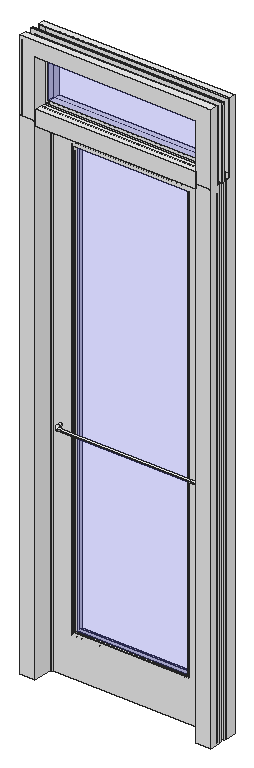
Revit family "kawneer-350ir_impact-sgl_tran-fr_916in_20615", category Doors, host Wall, Revit 2015
Parameters
  Water - Static (ASTM E 331) = "< 1.20 cfm/ft2  @ 1.57 psf (300 Pa), Pairs of Doors"
  URL = "http://www.kawneer.com/kawneer/north_america/en/product.asp?prod_id=1823"
  Type of Glazing = "monolithic, insulating"
  Type Comments = "Medium Stile Impact Resistent Swing Door"
  Thermal Transmittance = "n/a"
  Sub Category3 = ""
  Sub Category2 = ""
  Sub Category1 = ""
  Sightline = Height - Door Panel Height  # 12"
  Short Description = "Medium Stile Impact Resistent Swing Door"
  Product data url = "https://bimobject.com/kawneerna/product/17196"
  Performance standards = "ASTM E 330\r\nASTM E 1886-97\r\nDCBCCO PA 201-94\r\nDCBCCO PA 202-94\r\nDCBCCO PA 203-94\r\nSBCCI SSTD 12-99\r\nKawneer Dual Moment Corner"
  Panel Inserts Material = Glass
  Overall U-Factor = "product not tested"
  Model = "350 IR Entrance"
  Manufacturer Part Number = "350 IR Entrance"
  Manufacturer = "Kawneer"
  Keywords = "Entrance, Door, Swing Door, Impact Resistent, Hurricane Resistent"
  Hurricane Resistant Tested [instance] = "Large missile"
  Hinging Types = "Offset Pivot, Butt Hinge, Continuous Gear Hinge"
  Height = 96"
  Wall Closure = By host
  Width = 32"
  Glazing Thickness = 1/4"
  Glass U-Factor = "product not tested"
  Glass Installtion = "outside"
  Glass Capture = "Captured"
  Function (Interior or Exterior) = "Exterior"
  Function = Interior
  Door Panel Width = Width - (2 1/2" * 2)  # 27"
  Door Panel Material = Aluminum - ASTM B 221 - 6063-T6 alloy and temper
  Door Panel Height = 84"
  Door Opening = Door Panel Width  # 27"
  Door Handle Height = 37 123/256"
  Door Handle Material = Aluminum - ASTM B 221 - 6063-T6 alloy and temper
  Door Corner Construction = "Welded"
  Design Pressure = "65 psf (3112 Pa)  - 9/16\" laminate\r\n85 psf (4070 PA) - all other glass"
  Design Load = "97.5 psf (4668 Pa)  - 9/16\" laminate\r\n127.5 psf (6105 PA) - all other glass"
  Description = "The \"350IR\" medium stile heavy duty entrance offers a rugged appearance, features dual moment corner construction and designed to meet the code requirements of windborne debris protection."
  Depth = 1 3/4"
  Color = "any"
  Cladding Type = "n/a"
  CSI Masterformat Code = "08 41 13"
  Assembly Code = "B2030110"
  Application = "moderate traffic,high traffic"
  Air Infiltration (ASTM E 283) = "< 0.50 cfm/ft2  @ 6.24 psf (300 Pa), Single Doors"
  2-Color Option = "no"
Reference planes
  plane 1 "Centre Wall": y = 0
  plane 2 "Center (Left/Right)": x = 0
  plane 3 "Left": x = -406.4
  plane 4 "Right": x = 406.4
  plane 5: z = 2438.4
  plane 6 "Exterior": y = 75
  plane 7 "Interior": y = -75
  plane 8: x = -342.9
  plane 9: x = 342.9
  plane 10: z = 2133.6
Forms (mm)
  Sweep 1, solid, material "Aluminum - ASTM B 221 - 6063-T6 alloy and temper" <- "Door Panel Material"
    path origin (0, 0, 0) x (1, 0, 0) y (0, 0, 1)
      loop
        line (406.4, 2133.6) -> (406.4, 0)
    profile "IR500Frame : IR500Frame" origin (406.4, 0, 1066.8) x (1, 0, 0) y (0, -1, 0)
      loop
        line (-41.314, 49.432) -> (-58.5, 57.021) -> (-58.5, -57.021) -> (-41.314, -57.021) -> (-41.314, 49.432)
      loop
        line (-8.593, -15.949) -> (-8.593, -10.471) -> (0, -10.471) -> (0, -7.971) -> (-13.625, -7.971) -> (-13.625, -10.471) -> (-17.25, -10.471) -> (-17.25, 13.779) -> (-13.625, 13.779) -> (-13.625, 11.229) -> (0, 11.229) -> (0, 13.729) -> (-8.593, 13.729) -> (-8.593, 19.206)
        arc (-8.593, 19.206) -> (-7.389, 21.456) -> (-5, 22.354) r 3.625
        line (-5, 22.354) -> (0, 22.354) -> (0, 65.279) -> (-63.5, 65.279) -> (-63.5, -13.221) -> (-73.5, -13.221) -> (-73.5, -18.221) -> (-63.5, -18.221) -> (-63.5, -62.021) -> (0, -62.021) -> (0, -19.096) -> (-5, -19.096)
        arc (-5, -19.096) -> (-7.389, -18.198) -> (-8.593, -15.949) r 3.625
      loop
        line (-13.625, -15.471) -> (-22.25, -15.471) -> (-22.25, 18.779) -> (-13.625, 18.779)
        arc (-13.625, 18.779) -> (-11.081, 24.845) -> (-5, 27.354) r 8.625
        line (-5, 27.354) -> (-5, 60.279) -> (-53.5, 60.279) -> (-36.314, 52.689) -> (-36.314, -57.021) -> (-5, -57.021) -> (-5, -24.096)
        arc (-5, -24.096) -> (-11.099, -21.57) -> (-13.625, -15.471) r 8.625
  Sweep 2, solid, material "Aluminum - ASTM B 221 - 6063-T6 alloy and temper" <- "Door Panel Material"
    path origin (0, 0, 0) x (1, 0, 0) y (0, 0, 1)
      loop
        line (-406.4, 2133.6) -> (-406.4, 0)
    profile "IR500Frame : IR500Frame" origin (-406.4, 0, 1066.8) x (1, 0, 0) y (0, -1, 0)
      loop
        line (41.314, 49.432) -> (41.314, -57.021) -> (58.5, -57.021) -> (58.5, 57.021) -> (41.314, 49.432)
      loop
        arc (8.593, -15.949) -> (7.389, -18.198) -> (5, -19.096) r 3.625
        line (5, -19.096) -> (0, -19.096) -> (0, -62.021) -> (63.5, -62.021) -> (63.5, -18.221) -> (73.5, -18.221) -> (73.5, -13.221) -> (63.5, -13.221) -> (63.5, 65.279) -> (0, 65.279) -> (0, 22.354) -> (5, 22.354)
        arc (5, 22.354) -> (7.389, 21.456) -> (8.593, 19.206) r 3.625
        line (8.593, 19.206) -> (8.593, 13.729) -> (0, 13.729) -> (0, 11.229) -> (13.625, 11.229) -> (13.625, 13.779) -> (17.25, 13.779) -> (17.25, -10.471) -> (13.625, -10.471) -> (13.625, -7.971) -> (0, -7.971) -> (0, -10.471) -> (8.593, -10.471) -> (8.593, -15.949)
      loop
        arc (13.625, -15.471) -> (11.099, -21.57) -> (5, -24.096) r 8.625
        line (5, -24.096) -> (5, -57.021) -> (36.314, -57.021) -> (36.314, 52.689) -> (53.5, 60.279) -> (5, 60.279) -> (5, 27.354)
        arc (5, 27.354) -> (11.081, 24.845) -> (13.625, 18.779) r 8.625
        line (13.625, 18.779) -> (22.25, 18.779) -> (22.25, -15.471) -> (13.625, -15.471)
  Sweep 3, solid, material "Aluminum - ASTM B 221 - 6063-T6 alloy and temper" <- "Door Panel Material"
    path origin (0, 0, 0) x (1, 0, 0) y (0, 0, 1)
      loop
        line (406.4, 2133.6) -> (406.4, 2438.4) -> (-406.4, 2438.4) -> (-406.4, 2133.6)
    profile "IR500TopFrame : IR500TopFrame" origin (0, 0, 2438.4) x (0, 0, -1) y (0, -1, 0)
      loop
        line (0, -5) -> (16.635, -5) -> (16.635, -7.5) -> (24.173, -7.5) -> (24.173, -17.55) -> (26.673, -17.55) -> (26.673, -12.05) -> (58, -12.05) -> (58, -58.65) -> (40.537, -58.65) -> (5, -58.65) -> (5, -36.6) -> (0, -36.6) -> (0, -63.65) -> (63, -63.65) -> (63, -9.55) -> (26.673, -9.55) -> (26.673, -5) -> (19.135, -5) -> (19.135, 5) -> (26.673, 5) -> (26.673, 9.55) -> (63, 9.55) -> (63, 63.65) -> (0, 63.65) -> (0, 34.1) -> (5, 34.1) -> (5, 58.65) -> (58, 58.65) -> (58, 12.05) -> (26.673, 12.05) -> (26.673, 17.05) -> (24.173, 17.05) -> (24.173, 7.5) -> (16.635, 7.5) -> (16.635, 5) -> (0, 5) -> (0, 2.5) -> (16.635, 2.5) -> (16.635, -2.5) -> (0, -2.5) -> (0, -5)
  Sweep 4, solid, material "Aluminum - ASTM B 221 - 6063-T6 alloy and temper" <- "Door Panel Material"
    path origin (0, 0, 0) x (1, 0, 0) y (0, 0, 1)
      loop
        line (342.9, 2133.6) -> (-342.9, 2133.6)
    profile "IR500MIDFrame : IR500MIDFrame" origin (0, 0, 2133.6) x (0, 0, -1) y (0, -1, 0)
      loop
        line (-9.37, -17.1) -> (-9.37, -12.1) -> (-39.45, -12.1) -> (-39.45, -58.65) -> (-3.913, -58.65) -> (13.55, -58.65) -> (13.55, 58.65) -> (-4.37, 58.65) -> (-4.37, -17.1) -> (-9.37, -17.1)
      loop
        arc (-39.45, 20.725) -> (-37.061, 19.827) -> (-35.857, 17.577) r 3.625
        line (-35.857, 17.577) -> (-35.857, 12.1) -> (-44.45, 12.1) -> (-44.45, 9.6) -> (-30.825, 9.6) -> (-30.825, 12.15) -> (-9.37, 12.15) -> (-9.37, -9.6) -> (-44.45, -9.6) -> (-44.45, -63.65) -> (18.55, -63.65) -> (18.55, -19.85) -> (28.55, -19.85) -> (28.55, -14.85) -> (18.55, -14.85) -> (18.55, 63.65) -> (-44.45, 63.65) -> (-44.45, 20.725) -> (-39.45, 20.725)
      loop
        arc (-39.45, 25.725) -> (-33.369, 23.216) -> (-30.825, 17.15) r 8.625
        line (-30.825, 17.15) -> (-8.682, 17.15) -> (-8.682, 58.65) -> (-39.45, 58.65) -> (-39.45, 25.725)
  Extrusion 5, solid, material "Glass" <- "Panel Inserts Material"
    sketch origin (0, 0, 0) x (0, 1, 0) y (0, 0, 1)
      loop
        line (36.6, 2411.15) -> (6, 2411.15) -> (6, 2178.05) -> (36.6, 2178.05) -> (36.6, 2411.15)
    from -342.9 to 342.9
Cuts and joins
  joined: Sweep 1, Sweep 2, Sweep 3
Lines and regions (mm)
  Opening 1
    outline origin (-3050, -75, 0) x (1, 0, 0) y (0, 0, 1)
      loop
        line (2643.6, 0) -> (3456.4, 0) -> (3456.4, 2438.4) -> (2643.6, 2438.4) -> (2643.6, 0)
  symbolic lines
    curve 1: line (-342.9, 699.021, 0) -> (-298.45, 699.021, 0)
    curve 2: line (-342.9, 13.221, 0) -> (-342.9, 699.021, 0)
    curve 3: line (-298.45, 699.021, 0) -> (-298.45, 62.671, 0)
    curve 4: arc (-298.45, 699.021, 0) -> (141.444, 497.225, 0) -> (342.9, 57.175, 0) r 694.89
Text (mm)
  text "Exterior" at (-2295.016, 1099.543, 0), in view "Ref. Level"
  text "Exterior" at (0, 1615.38, 3698.081), in view "Left"
  text "Exterior" at (0, 1036.032, 3874.932), in view "Right"
Dimensions and locks
  equal spacing: plane 3 "Left", plane 2 "Center (Left/Right)", plane 4 "Right"
  "Width": plane 3 "Left" to plane 4 "Right"
  "Height": plane 5 to host wall
  host wall to plane 5 = 96"  (x2)
  locked: plane 6 "Exterior" to host wall at 0
  locked: plane 7 "Interior" to host wall
  locked: plane 3 "Left" to plane 8 at 63.5
  locked: plane 9 to plane 4 "Right" at 63.5
  "Door Panel Height": level to plane 10
  "Depth": curve 2 to curve 3
  "Door Panel Width": cut or joined group of Sweep 1, Sweep 2, Sweep 3 to curve 1
  aligned and locked: plane 3 "Left" to Opening 1 sketch curve
  aligned and locked: plane 5 to Opening 1 sketch curve  (x2)
  aligned and locked: Opening 1 sketch curve to plane 4 "Right"
  aligned and locked: Opening 1 sketch curve to level
  aligned and locked: plane 1 "Centre Wall" to host wall
  aligned and locked: plane 4 "Right" to Sweep 1 sketch curve
  aligned and locked: level to Sweep 1 sketch curve
  aligned and locked: plane 3 "Left" to Sweep 2 sketch curve
  aligned and locked: level to Sweep 2 sketch curve
  aligned and locked: Sweep 4 sketch curve to plane 10
  aligned and locked: plane 10 to Sweep 1 sketch curve
  aligned and locked: plane 10 to Sweep 2 sketch curve
  aligned and locked: Sweep 3 sketch curve to plane 4 "Right"
  aligned and locked: Sweep 3 sketch curve to plane 3 "Left"
  aligned and locked: plane 10 to Sweep 3 sketch curve  (x2)
  aligned and locked: plane 9 to Sweep 4 sketch curve
  aligned and locked: plane 8 to Sweep 4 sketch curve
  aligned and locked: Extrusion 5 to plane 8
  aligned and locked: Extrusion 5 to plane 9
  aligned and locked: nested 1 to plane 2 "Center (Left/Right)"
  aligned and locked: curve 1 to curve 4
  aligned and locked: plane 9 to curve 4
  aligned and locked: plane 8 to cut or joined group of Sweep 1, Sweep 2, Sweep 3
  aligned and locked: plane 9 to cut or joined group of Sweep 1, Sweep 2, Sweep 3
  aligned and locked: nested 1 to cut or joined group of Sweep 1, Sweep 2, Sweep 3
  aligned and locked: nested 1 to curve 3
Automatic sketch dimensions
  plane 5 to Sweep 3 sketch curve = 0"
  curve 2 to plane 8 = 0"
  curve 4 to plane 8 = 0.28374"
  curve 4 to host wall = 0.70177"
  curve 4 to curve 2 = 0.28218"
Nested families
  nested 1: "Kawneer-350IR_Impact-Sgl" at (-310.356, 6.963, 0) x (-1, 0, 0) z (0, 0, 1), type "Kawneer-350IR_Impact-Sgl"
    with Width 27", Door Hangle Width 23 1/2", Door Hangle Height 37 123/256"
Definition of nested family "Kawneer-350IR_Impact-Sgl"
  Parameters
    Width = 32"
    Water - static (ASTM E 331) = ""
    URL = "ttp://www.kawneer.com/kawneer/north_america/en/product.asp?prod_id=1823"
    Type of Glazing = "monolithic, insulating"
    Type Comments = "Medium Stile Impact Resistent Swing Door"
    Thermal transmittance = "n/a"
    Sub Category3 = ""
    Sub Category2 = ""
    Sub Category1 = ""
    Short Description = "Medium Stile Impact Resistent Swing Door"
    Performance standards = "ASTM E 330\r\nASTM E 1886-97\r\nDCBCCO PA 201-94\r\nDCBCCO PA 202-94\r\nDCBCCO PA 203-94\r\nSBCCI SSTD 12-99\r\nKawneer Dual Moment Corner"
    Panel Inserts Material = none
    Overall U-Factor = "product not tested"
    Model = "350 IR Entrance"
    Mfr Part Num = "350 IR Entrance"
    Manufacturer = "Kawneer"
    Keywords = "Entrance, Door, Swing Door, Impact Resistent, Hurricane Resistent"
    Hurricane Resistant Tested = "Large missile"
    Hinging Types = "Offset Pivot, Butt Hinge, Continuous Gear Hinge"
    Height = 84"
    Glass capture = "Captured"
    Glass U-Factor = "product not tested"
    Glass Installtion = "outside"
    Function (Interior or Exterior) = "Exterior"
    Door Panel Material = none
    Door Hangle Width = Width - 3 1/2"  # 28 1/2"
    Door Hangle Material = none
    Door Hangle Height = 37"
    Door Corner Construction = "Welded"
    Design load = "97.5 psf (4668 Pa)  - 9/16\" laminate"
    Design Pressure = "65 psf (3112 Pa)  - 9/16\" laminate"
    Description = "The \"350IR\" medium stile heavy duty entrance offers a rugged appearance, features dual moment corner construction and designed to meet the code requirements of windborne debris protection."
    Depth = 1 3/4"
    Construction Type = "Welded"
    Color = "any"
    Cladding Type = "n/a"
    CSI Mastformat Code = "08 41 13"
    Assembly Code = "B2030110"
    Application = "moderate traffic,high traffic"
    Air Infiltration (ASTM E 283) = "< 1.20 cfm/ft2  @ 1.57 psf (300 Pa), Pairs of Doors"
    2-Color Option = "no"
  Reference planes
    plane 1 "Center (Front/Back)": y = -33.483
    plane 2: z = 0
    plane 3 "Center (Left/Right)": x = -310.356
    plane 4: x = -716.756
    plane 5: x = 96.044
    plane 6: y = -11.258
    plane 7: y = -55.708
    plane 8: z = 2133.6
    plane 9: z = 939.8
    plane 10: x = -627.456
    plane 11: x = 6.744
    plane 12: x = 19.244
    plane 13: x = -639.956
    plane 14: z = 2056.8
    plane 15: z = 153
    plane 16: x = -672.106
  Forms (mm)
    Sweep 1, solid
      path origin (0, -33.483, 0) x (1, 0, 0) y (0, 0, 1)
        loop
          line (-716.756, 2133.6) -> (-716.756, 0)
      profile "IR2 : IR2" origin (-716.756, -33.483, 1066.8) x (1, 0, 0) y (0, -1, 0)
        loop
          line (79.3, 6.9) -> (71.8, 6.9) -> (71.8, 16.9) -> (15, 16.9) -> (15, 9) -> (17.5, 6.5) -> (17.5, -6.5) -> (15, -9) -> (15, -16.9) -> (71.8, -16.9) -> (71.8, -6.9) -> (79.3, -6.9) -> (79.3, 6.9)
        loop
          line (84.3, 11.9) -> (76.8, 11.9) -> (76.8, 16.9) -> (89.3, 16.9) -> (89.3, 21.9) -> (0, 21.9) -> (0, 16.9) -> (10, 16.9) -> (10, -16.9) -> (0, -16.9) -> (0, -21.9) -> (89.3, -21.9) -> (89.3, -16.9) -> (76.8, -16.9) -> (76.8, -11.9) -> (84.3, -11.9) -> (84.3, 11.9)
    Sweep 2, solid
      path origin (0, -33.483, 0) x (1, 0, 0) y (0, 0, 1)
        loop
          line (96.044, 2133.6) -> (96.044, 0)
      profile "IR2 : IR2" origin (96.044, -33.483, 1066.8) x (1, 0, 0) y (0, -1, 0)
        loop
          line (-79.3, -6.9) -> (-71.8, -6.9) -> (-71.8, -16.9) -> (-15, -16.9) -> (-15, -9) -> (-17.5, -6.5) -> (-17.5, 6.5) -> (-15, 9) -> (-15, 16.9) -> (-71.8, 16.9) -> (-71.8, 6.9) -> (-79.3, 6.9) -> (-79.3, -6.9)
        loop
          line (-84.3, -11.9) -> (-76.8, -11.9) -> (-76.8, -16.9) -> (-89.3, -16.9) -> (-89.3, -21.9) -> (0, -21.9) -> (0, -16.9) -> (-10, -16.9) -> (-10, 16.9) -> (0, 16.9) -> (0, 21.9) -> (-89.3, 21.9) -> (-89.3, 16.9) -> (-76.8, 16.9) -> (-76.8, 11.9) -> (-84.3, 11.9) -> (-84.3, -11.9)
    Sweep 3, solid
      path origin (0, -33.483, 0) x (1, 0, 0) y (0, 0, 1)
        loop
          line (-627.456, 0) -> (6.744, 0)
      profile "IR3 : IR3" origin (-310.356, -33.483, 0) x (0, 0, 1) y (0, -1, 0)
        loop
          line (155.5, 6.9) -> (148, 6.9) -> (148, 16.9) -> (15, 16.9) -> (15, 9) -> (17.5, 6.5) -> (17.5, -6.5) -> (15, -9) -> (15, -16.9) -> (148, -16.9) -> (148, -6.9) -> (155.5, -6.9) -> (155.5, 6.9)
        loop
          line (160.5, 11.9) -> (153, 11.9) -> (153, 16.9) -> (165.5, 16.9) -> (165.5, 21.9) -> (0, 21.9) -> (0, 16.9) -> (10, 16.9) -> (10, -16.9) -> (0, -16.9) -> (0, -21.9) -> (165.5, -21.9) -> (165.5, -16.9) -> (153, -16.9) -> (153, -11.9) -> (160.5, -11.9) -> (160.5, 11.9)
    Sweep 4, solid
      path origin (0, -33.483, 0) x (1, 0, 0) y (0, 0, 1)
        loop
          line (-627.456, 2133.6) -> (6.744, 2133.6)
      profile "IR2 : IR2" origin (-310.356, -33.483, 2133.6) x (0, 0, 1) y (0, -1, 0)
        loop
          line (-79.3, -6.9) -> (-71.8, -6.9) -> (-71.8, -16.9) -> (-15, -16.9) -> (-15, -9) -> (-17.5, -6.5) -> (-17.5, 6.5) -> (-15, 9) -> (-15, 16.9) -> (-71.8, 16.9) -> (-71.8, 6.9) -> (-79.3, 6.9) -> (-79.3, -6.9)
        loop
          line (-84.3, -11.9) -> (-76.8, -11.9) -> (-76.8, -16.9) -> (-89.3, -16.9) -> (-89.3, -21.9) -> (0, -21.9) -> (0, -16.9) -> (-10, -16.9) -> (-10, 16.9) -> (0, 16.9) -> (0, 21.9) -> (-89.3, 21.9) -> (-89.3, 16.9) -> (-76.8, 16.9) -> (-76.8, 11.9) -> (-84.3, 11.9) -> (-84.3, -11.9)
    Sweep 5, solid
      path origin (0, -33.483, 0) x (1, 0, 0) y (0, 0, 1)
        loop
          line (19.244, 2056.8) -> (-639.956, 2056.8) -> (-639.956, 153) -> (19.244, 153) -> (19.244, 2056.8)
      profile "IRCLADB : IRCLADB" origin (-310.356, -33.483, 2056.8) x (0, 0, -1) y (0, -1, 0)
        loop
          line (9, -6.9) -> (9, 12.9) -> (21.5, 12.9) -> (21.5, 20.9) -> (11.5, 20.9) -> (11.5, 16.9) -> (0, 16.9) -> (0, 11.9) -> (6.5, 11.9) -> (6.5, -11.9) -> (7.5, -11.9) -> (9, -6.9)
    Sweep 6, solid
      path origin (0, -33.483, 0) x (1, 0, 0) y (0, 0, 1)
        loop
          line (19.244, 2056.8) -> (-639.956, 2056.8) -> (-639.956, 153) -> (19.244, 153) -> (19.244, 2056.8)
      profile "IRCLADF : IRCLADF" origin (-310.356, -33.483, 2056.8) x (0, 0, -1) y (0, -1, 0)
        loop
          arc (17.5, -6.902) -> (17.507, -9.489) -> (19.748, -10.78) r 2.591
          line (19.748, -10.78) -> (21.5, -10.78) -> (21.5, -20.902) -> (13.5, -20.902) -> (13.5, -15.902) -> (0, -15.902) -> (0, -16.902) -> (12.5, -16.902) -> (12.5, -21.902) -> (22.5, -21.902) -> (22.5, -6.902) -> (21.5, -6.902) -> (21.5, -9.78) -> (19.748, -9.78)
          arc (19.748, -9.78) -> (18.235, -8.68) -> (18.814, -6.902) r 1.591
          line (18.814, -6.902) -> (17.5, -6.902)
    Extrusion 7, solid, material <- "Panel Inserts Material"
      sketch origin (0, 0, 0) x (1, 0, 0) y (0, 1, 0)
        loop
          line (-630.956, -39.983) -> (10.244, -39.983) -> (10.244, -26.983) -> (-630.956, -26.983) -> (-630.956, -39.983)
      from 162 to 2047.8
  Cuts and joins
    joined: Sweep 1, Sweep 2, Sweep 3, Sweep 4, Sweep 5, Sweep 6
  Dimensions and locks
    equal spacing: plane 4, plane 3 "Center (Left/Right)", plane 5
    equal spacing: plane 6, plane 1 "Center (Front/Back)", plane 7
    "Depth": plane 6 to plane 7
    "Width": plane 4 to plane 5
    "Height": plane 8 to level
    "Door Hangle Height": plane 9 to level
    locked: plane 4 to plane 13 at 76.8
    locked: plane 4 to plane 10 at 89.3
    locked: plane 12 to plane 5 at 76.8
    locked: plane 11 to plane 5 at 89.3
    locked: plane 15 to level at 153
    locked: plane 8 to plane 14 at 76.8
    equal spacing: plane 4, plane 16, plane 10
    aligned and locked: Sweep 1 sketch curve to plane 4
    aligned and locked: plane 8 to Sweep 1 sketch curve
    aligned and locked: level to Sweep 1 sketch curve
    aligned and locked: plane 8 to Sweep 2 sketch curve
    aligned and locked: Sweep 2 sketch curve to plane 5
    aligned and locked: level to Sweep 2 sketch curve
    aligned and locked: Sweep 3 sketch curve to level
    aligned and locked: plane 11 to Sweep 3 sketch curve
    aligned and locked: plane 10 to Sweep 3 sketch curve
    aligned and locked: Sweep 4 sketch curve to plane 8
    aligned and locked: plane 10 to Sweep 4 sketch curve
    aligned and locked: plane 11 to Sweep 4 sketch curve
    aligned and locked: Sweep 5 sketch curve to plane 14
    aligned and locked: Sweep 5 sketch curve to plane 13
    aligned and locked: Sweep 5 sketch curve to plane 15
    aligned and locked: Sweep 5 sketch curve to plane 12
    aligned and locked: Sweep 6 sketch curve to plane 14
    aligned and locked: Sweep 6 sketch curve to plane 13
    aligned and locked: Sweep 6 sketch curve to plane 12
    aligned and locked: Sweep 6 sketch curve to plane 15
    aligned and locked: cut or joined group of Sweep 1, Sweep 2, Sweep 3, Sweep 4, Sweep 5, Sweep 6 to Extrusion 7 sketch curve  (x2)
    aligned and locked: Extrusion 7 sketch curve to cut or joined group of Sweep 1, Sweep 2, Sweep 3, Sweep 4, Sweep 5, Sweep 6  (x2)
    aligned and locked: Extrusion 7 to cut or joined group of Sweep 1, Sweep 2, Sweep 3, Sweep 4, Sweep 5, Sweep 6  (x2)
    aligned and locked: nested 1 to plane 3 "Center (Left/Right)"
    aligned and locked: plane 16 to nested 2
    aligned and locked: nested 1 to plane 6
    aligned and locked: plane 9 to nested 2
    aligned and locked: nested 1 to plane 9
  Nested families
    nested 1: "Style CP II Push Bar" at (-260.356, -11.258, 939.8), type "Style CP II Push Bar"
      with Width 28 1/2"
    nested 2: "Style CO 9 Pull" at (-710.141, -55.708, 711.2), type "Style CO 9 Pull"
  Definition of nested family "Style CP II Push Bar"
    Parameters
      Width = 28"
      Hangle Material = none
      Depth = 1.1811"
    Reference planes
      plane 1 "Center (Front/Back)": y = 0
      plane 2: z = 0
      plane 3 "Center (Left/Right)": x = -50
      plane 4: x = -405.6
      plane 5: x = 305.6
      plane 6: y = -30
      plane 7: z = 0
    Forms (mm)
      Sweep 1, solid, material <- "Hangle Material"
        path origin (0, 0, 0) x (1, 0, 0) y (0, 1, 0)
          loop
            line (-405.6, 0) -> (-405.6, -15)
            arc (-405.6, -15) -> (-401.207, -25.607) -> (-390.6, -30) r 15
            line (-390.6, -30) -> (290.6, -30)
            arc (290.6, -30) -> (301.207, -25.607) -> (305.6, -15) r 15
            line (305.6, -15) -> (305.6, 0)
        profile origin (-50, -30, 0) x (0, 1, 0) y (0, 0, 1)
          loop
            circle (0, 0) r 5
    Dimensions and locks
      "Depth": plane 6 to plane 1 "Center (Front/Back)"
      equal spacing: plane 4, plane 3 "Center (Left/Right)", plane 5
      "Width": plane 4 to plane 5
      aligned and locked: Sweep 1 sketch curve to plane 5
      aligned and locked: plane 1 "Center (Front/Back)" to Sweep 1 sketch curve  (x2)
      aligned and locked: Sweep 1 sketch curve to plane 4
      aligned and locked: level to plane 7
    Automatic sketch dimensions
      Sweep 1 sketch curve to level = 0"
      Sweep 1 sketch curve to profile plane = 0"
      Sweep 1 sketch curve to plane 6 = 0"
      plane 4 to Sweep 1 sketch curve = 0.59055"
      plane 1 "Center (Front/Back)" to Sweep 1 sketch curve = 0.59055"
      radius of Sweep 1 sketch curve = 0.19685"
  Definition of nested family "Style CO 9 Pull"
    Parameters
      Width = 1.1811"
      Height = 9"
      Hangle Material = none
      Depth = 1.1811"
    Reference planes
      plane 1 "Center (Front/Back)": y = 0
      plane 2: z = 0
      plane 3 "Center (Left/Right)": x = 53.034
      plane 4: y = -30
      plane 5: x = 38.034
      plane 6: x = 68.034
      plane 7: x = 46.034
      plane 8 "Top": z = 228.6
      plane 9: x = 60.034
      plane 10: z = 220.6
      plane 11: z = 8
    Forms (mm)
      Sweep 1, solid, material <- "Hangle Material"
        path origin (0, 0, 0) x (1, 0, 0) y (0, 1, 0)
          loop
            line (38.034, 0) -> (38.034, -23)
            arc (38.034, -23) -> (40.085, -27.95) -> (45.034, -30) r 7
            line (45.034, -30) -> (60.034, -30)
        profile origin (38.034, -11.5, 0) x (1, 0, 0) y (0, 0, 1)
          loop
            circle (0, 0) r 5
      Sweep 2, solid, material <- "Hangle Material"
        path origin (0, 0, 228.6) x (-1, 0, 0) y (0, -1, 0)
          loop
            line (-38.034, 0) -> (-38.034, 23)
            arc (-38.034, 23) -> (-40.085, 27.95) -> (-45.034, 30) r 7
            line (-45.034, 30) -> (-60.034, 30)
        profile origin (38.034, -11.5, 228.6) x (1, 0, 0) y (0, 0, 1)
          loop
            circle (0, 0) r 5
      Sweep 3, solid, material <- "Hangle Material"
        path origin (-1540.712, -30, 1200) x (-1, 0, 0) y (0, 0, 1)
          loop
            arc (-1600.747, -1200) -> (-1606.404, -1197.657) -> (-1608.747, -1192) r 8
            line (-1608.747, -1192) -> (-1608.747, -979.4)
            arc (-1608.747, -979.4) -> (-1606.404, -973.743) -> (-1600.747, -971.4) r 8
        profile origin (68.034, -30, 114.3) x (1, 0, 0) y (0, 1, 0)
          loop
            circle (0, 0) r 5
    Cuts and joins
      joined: Sweep 1, Sweep 2, Sweep 3
    Dimensions and locks
      "Depth": plane 4 to plane 1 "Center (Front/Back)"
      equal spacing: plane 5, plane 3 "Center (Left/Right)", plane 6
      locked: plane 5 to plane 7 at 8
      "Width": plane 5 to plane 6
      "Height": plane 8 "Top" to level
      locked: plane 9 to plane 6 at 8
      locked: level to plane 11 at 8
      locked: plane 10 to plane 8 "Top" at 8
      aligned and locked: Sweep 1 sketch curve to plane 5
      aligned and locked: Sweep 1 sketch curve to plane 4
      aligned and locked: plane 1 "Center (Front/Back)" to Sweep 1 sketch curve
      aligned and locked: plane 9 to Sweep 1 sketch curve
      aligned and locked: Sweep 2 sketch curve to plane 5
      aligned and locked: Sweep 2 sketch curve to plane 4
      aligned and locked: plane 1 "Center (Front/Back)" to Sweep 2 sketch curve
      aligned and locked: plane 9 to Sweep 2 sketch curve
      aligned and locked: plane 6 to Sweep 3 sketch curve  (x2)
      aligned and locked: plane 10 to Sweep 3 sketch curve
      aligned and locked: plane 11 to Sweep 3 sketch curve
      aligned and locked: plane 9 to Sweep 3 sketch curve  (x2)
      aligned and locked: plane 8 "Top" to Sweep 3 sketch curve
      aligned and locked: level to Sweep 3 sketch curve
      aligned and locked: plane 4 to Sweep 3 sketch curve
    Automatic sketch dimensions
      Sweep 1 sketch curve to plane 7 = 0.03937"
      Sweep 1 sketch curve to level = 0"
      Sweep 1 sketch curve to profile plane = 0"
      Sweep 2 sketch curve to plane 7 = 0.03937"
      Sweep 2 sketch curve to plane 8 "Top" = 0"
      Sweep 2 sketch curve to profile plane = 0"
      radius of Sweep 1 sketch curve = 0.19685"
      radius of Sweep 2 sketch curve = 0.19685"
      radius of Sweep 3 sketch curve = 0.19685"
